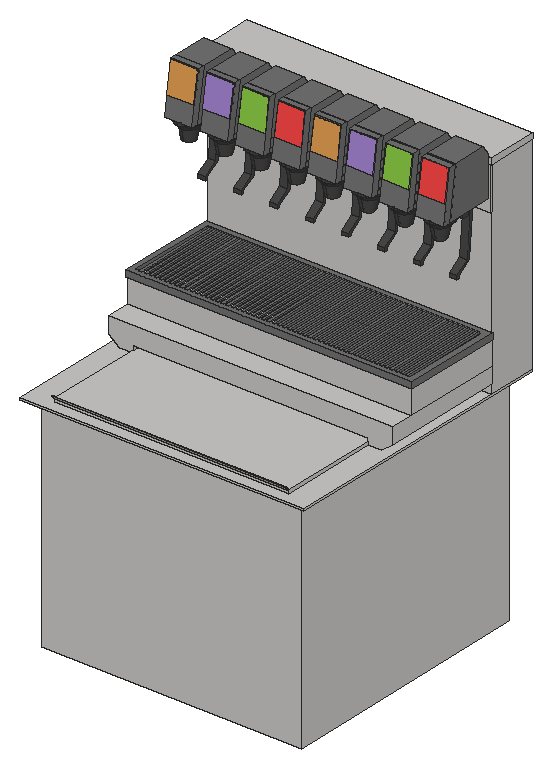
Revit family "QF_LANCER_ICD 2300", category Specialty Equipment, Revit 2012 (continued)
Definition of nested family "ICD 2200"
  Automatic sketch dimensions
    Extrusion 1 sketch curve to Extrusion 1 sketch curve = 0.07617"
    Extrusion 1 sketch curve to Extrusion 1 sketch curve = 0.07176"
    Extrusion 1 sketch curve to Extrusion 1 sketch curve = 0.30739"
    Extrusion 1 sketch curve to Extrusion 1 sketch curve = 0.06132"
    Extrusion 1 sketch curve to Extrusion 1 sketch curve = 0.07374"  (x2)
    Extrusion 1 sketch curve to Extrusion 1 sketch curve = 0.14515"
    Extrusion 1 sketch curve to Extrusion 1 sketch curve = 0.23667"
    Extrusion 1 sketch curve to Extrusion 1 sketch curve = 0.29528"
    Extrusion 1 sketch curve to Extrusion 1 sketch curve = 0.07086"
    Extrusion 1 sketch curve to Extrusion 1 sketch curve = 0.31791"
    Extrusion 1 sketch curve to Extrusion 1 sketch curve = 0.13767"
    Extrusion 1 sketch curve to Extrusion 1 sketch curve = 0.09549"
    Extrusion 1 sketch curve to Extrusion 1 sketch curve = 0.07318"
    Extrusion 1 sketch curve to Extrusion 1 sketch curve = 0.22586"
    Extrusion 1 sketch curve to Extrusion 1 sketch curve = 0.04439"
    Extrusion 1 sketch curve to Extrusion 1 sketch curve = 0.1403"
    Extrusion 1 sketch curve to Extrusion 1 sketch curve = 0.19979"
    Extrusion 1 sketch curve to Extrusion 1 sketch curve = 0.03362"
    Extrusion 1 sketch curve to Extrusion 1 sketch curve = 0.11393"
    Extrusion 1 sketch curve to Extrusion 1 sketch curve = 0.15379"
    Extrusion 1 sketch curve to Extrusion 1 sketch curve = 0.28862"
    Extrusion 1 sketch curve to Extrusion 1 sketch curve = 0.08623"
    Extrusion 1 sketch curve to Extrusion 1 sketch curve = 0.05675"
    Extrusion 1 sketch curve to Extrusion 1 sketch curve = 0.0668"
    Extrusion 1 sketch curve to Extrusion 1 sketch curve = 0.17795"
    Extrusion 1 sketch curve to Extrusion 1 sketch curve = 0.000"  (x18)
    Extrusion 1 sketch curve to Extrusion 1 sketch curve = 0.21322"
    Extrusion 1 sketch curve to Extrusion 1 sketch curve = 0.05282"
    Extrusion 1 sketch curve to Extrusion 1 sketch curve = 0.01982"
    Extrusion 1 sketch curve to Extrusion 1 sketch curve = 0.06484"
    Extrusion 1 sketch curve to Extrusion 1 sketch curve = 0.07255"
    Extrusion 1 sketch curve to Extrusion 1 sketch curve = 0.12909"
    Extrusion 1 sketch curve to Extrusion 1 sketch curve = 0.07643"
    Extrusion 1 sketch curve to Extrusion 1 sketch curve = 0.10341"
    Extrusion 1 sketch curve to Extrusion 1 sketch curve = 0.02165"
    Extrusion 1 sketch curve to Extrusion 1 sketch curve = 0.03562"
    Extrusion 1 sketch curve to Extrusion 1 sketch curve = 0.20801"
    Extrusion 1 sketch curve to Extrusion 1 sketch curve = 0.15423"
    Extrusion 1 sketch curve to Extrusion 1 sketch curve = 0.07541"
    Extrusion 1 sketch curve to Extrusion 1 sketch curve = 0.04958"
    Extrusion 1 sketch curve to Extrusion 1 sketch curve = 0.02857"
    Extrusion 1 sketch curve to Extrusion 1 sketch curve = 0.08174"
    Extrusion 1 sketch curve to Extrusion 1 sketch curve = 0.08801"
    Extrusion 1 sketch curve to Extrusion 1 sketch curve = 0.21398"
    Extrusion 1 sketch curve to Extrusion 1 sketch curve = 0.05654"
    Extrusion 1 sketch curve to Extrusion 1 sketch curve = 0.14527"
    Extrusion 1 sketch curve to Extrusion 1 sketch curve = 0.33588"
    Extrusion 1 sketch curve to Extrusion 1 sketch curve = 0.06594"
    Extrusion 1 sketch curve to Extrusion 1 sketch curve = 0.02948"
    Extrusion 1 sketch curve to Extrusion 1 sketch curve = 0.03219"
    Extrusion 1 sketch curve to Extrusion 1 sketch curve = 0.06639"
    Extrusion 1 sketch curve to Extrusion 1 sketch curve = 0.01087"
    Extrusion 1 sketch curve to Extrusion 1 sketch curve = 0.32826"
    Extrusion 1 sketch curve to Extrusion 1 sketch curve = 0.09361"
    Extrusion 1 sketch curve to Extrusion 1 sketch curve = 0.08461"
    Extrusion 1 sketch curve to Extrusion 1 sketch curve = 0.07944"  (x2)
    Extrusion 1 sketch curve to Extrusion 1 sketch curve = 0.03361"  (x2)
    Extrusion 1 sketch curve to Extrusion 1 sketch curve = 0.00691"
    Extrusion 1 sketch curve to Extrusion 1 sketch curve = 0.24197"
    Extrusion 1 sketch curve to Extrusion 1 sketch curve = 0.09733"
    Extrusion 1 sketch curve to Extrusion 1 sketch curve = 0.11645"  (x2)
    Extrusion 1 sketch curve to Extrusion 1 sketch curve = 0.10945"
    Extrusion 1 sketch curve to Extrusion 1 sketch curve = 0.03603"
    Extrusion 1 sketch curve to Extrusion 1 sketch curve = 0.11776"
    Extrusion 1 sketch curve to Extrusion 1 sketch curve = 0.1774"
    Extrusion 1 sketch curve to Extrusion 1 sketch curve = 0.2018"
    Extrusion 1 sketch curve to Extrusion 1 sketch curve = 0.25056"
    Extrusion 1 sketch curve to Extrusion 1 sketch curve = 0.05204"
    Extrusion 1 sketch curve to Extrusion 1 sketch curve = 0.02043"
    Extrusion 1 sketch curve to Extrusion 1 sketch curve = 0.1492"
    Extrusion 1 sketch curve to Extrusion 1 sketch curve = 0.09522"
    Extrusion 1 sketch curve to Extrusion 1 sketch curve = 0.17785"
    Extrusion 1 sketch curve to Extrusion 1 sketch curve = 0.00579"
    Extrusion 1 sketch curve to Extrusion 1 sketch curve = 0.01418"
    Extrusion 1 sketch curve to Extrusion 1 sketch curve = 0.08376"
    Extrusion 1 sketch curve to Extrusion 1 sketch curve = 0.02802"
    Extrusion 1 sketch curve to Extrusion 1 sketch curve = 0.07982"
    Extrusion 1 sketch curve to Extrusion 1 sketch curve = 0.00713"
    Extrusion 1 sketch curve to Extrusion 1 sketch curve = 0.00302"
    Extrusion 1 sketch curve to Extrusion 1 sketch curve = 0.2192"
    Extrusion 1 sketch curve to Extrusion 1 sketch curve = 0.2477"
    Extrusion 1 sketch curve to Extrusion 1 sketch curve = 0.30275"
    Extrusion 1 sketch curve to Extrusion 1 sketch curve = 0.04148"
    Extrusion 1 sketch curve to Extrusion 1 sketch curve = 0.0939"
    Extrusion 1 sketch curve to Extrusion 1 sketch curve = 0.13542"
    Extrusion 1 sketch curve to Extrusion 1 sketch curve = 0.14667"
    Extrusion 1 sketch curve to Extrusion 1 sketch curve = 0.11924"
    Extrusion 1 sketch curve to Extrusion 1 sketch curve = 0.03945"
    Extrusion 1 sketch curve to Extrusion 1 sketch curve = 0.07113"
    Extrusion 1 sketch curve to Extrusion 1 sketch curve = 0.01217"
    Extrusion 1 sketch curve to Extrusion 1 sketch curve = 0.25918"
    Extrusion 1 sketch curve to Extrusion 1 sketch curve = 0.21228"
    Extrusion 1 sketch curve to Extrusion 1 sketch curve = 0.05853"
    Extrusion 1 sketch curve to Extrusion 1 sketch curve = 0.07948"
    Extrusion 1 sketch curve to Extrusion 1 sketch curve = 0.19248"
    Extrusion 1 sketch curve to Extrusion 1 sketch curve = 0.03668"
    Extrusion 1 sketch curve to Extrusion 1 sketch curve = 0.06321"
    Extrusion 1 sketch curve to Extrusion 1 sketch curve = 0.03794"
    Extrusion 1 sketch curve to Extrusion 1 sketch curve = 0.20476"
    Extrusion 1 sketch curve to Extrusion 1 sketch curve = 0.06285"
    Extrusion 1 sketch curve to Extrusion 1 sketch curve = 0.14237"
    Extrusion 1 sketch curve to Extrusion 1 sketch curve = 0.34298"
    Extrusion 1 sketch curve to Extrusion 1 sketch curve = 0.32306"
    Extrusion 1 sketch curve to Extrusion 1 sketch curve = 0.01407"
    Extrusion 1 sketch curve to Extrusion 1 sketch curve = 0.31918"
    Extrusion 1 sketch curve to Extrusion 1 sketch curve = 0.49173"
    Extrusion 1 sketch curve to Extrusion 1 sketch curve = 0.17255"
    Extrusion 1 sketch curve to Extrusion 1 sketch curve = 0.19695"
    Extrusion 1 sketch curve to Extrusion 1 sketch curve = 0.19926"  (x2)
    Extrusion 1 sketch curve to Extrusion 1 sketch curve = 0.2061"
    Extrusion 1 sketch curve to Extrusion 1 sketch curve = 0.20694"  (x2)
    Extrusion 1 sketch curve to Extrusion 1 sketch curve = 0.2118"
    Extrusion 1 sketch curve to Extrusion 1 sketch curve = 0.21294"
    Extrusion 1 sketch curve to Extrusion 1 sketch curve = 0.21409"  (x3)
    Extrusion 1 sketch curve to Extrusion 1 sketch curve = 0.0048"
    Extrusion 1 sketch curve to Extrusion 1 sketch curve = 0.053"
    Extrusion 1 sketch curve to Extrusion 1 sketch curve = 0.04815"
    Extrusion 1 sketch curve to Extrusion 1 sketch curve = 0.00383"
    Extrusion 1 sketch curve to Extrusion 1 sketch curve = 0.07338"  (x2)
    Extrusion 1 sketch curve to Extrusion 1 sketch curve = 0.06772"
    Extrusion 1 sketch curve to Extrusion 1 sketch curve = 0.03572"
    Extrusion 1 sketch curve to Extrusion 1 sketch curve = 0.14436"
    Extrusion 1 sketch curve to Extrusion 1 sketch curve = 0.16266"
    Extrusion 1 sketch curve to Extrusion 1 sketch curve = 0.20988"
    Extrusion 1 sketch curve to Extrusion 1 sketch curve = 0.18259"
    Extrusion 1 sketch curve to Extrusion 1 sketch curve = 0.04509"
    Extrusion 1 sketch curve to Extrusion 1 sketch curve = 0.02529"
    Extrusion 1 sketch curve to Extrusion 1 sketch curve = 0.31195"
    Extrusion 1 sketch curve to Extrusion 1 sketch curve = 0.48256"
    Extrusion 1 sketch curve to Extrusion 1 sketch curve = 0.12784"
    Extrusion 1 sketch curve to Extrusion 1 sketch curve = 0.01456"
    Extrusion 1 sketch curve to Extrusion 1 sketch curve = 0.19653"
    Extrusion 1 sketch curve to Extrusion 1 sketch curve = 0.21698"
    Extrusion 1 sketch curve to Extrusion 1 sketch curve = 0.25754"
    Extrusion 1 sketch curve to Extrusion 1 sketch curve = 0.11118"
    Extrusion 1 sketch curve to Extrusion 1 sketch curve = 0.02366"
    Extrusion 1 sketch curve to Extrusion 1 sketch curve = 0.25676"
    Extrusion 1 sketch curve to Extrusion 1 sketch curve = 0.21744"
    Extrusion 1 sketch curve to Extrusion 1 sketch curve = 0.05862"
    Extrusion 1 sketch curve to Extrusion 1 sketch curve = 0.18923"
    Extrusion 1 sketch curve to Extrusion 1 sketch curve = 0.09225"
    Extrusion 1 sketch curve to Extrusion 1 sketch curve = 0.0397"
    Extrusion 1 sketch curve to Extrusion 1 sketch curve = 0.05905"
    Extrusion 1 sketch curve to Extrusion 1 sketch curve = 0.74007"
    Extrusion 1 sketch curve to Extrusion 1 sketch curve = 0.00895"
    Extrusion 1 sketch curve to Extrusion 1 sketch curve = 0.26901"
    Extrusion 1 sketch curve to Extrusion 1 sketch curve = 0.04115"
    Extrusion 1 sketch curve to Extrusion 1 sketch curve = 0.22786"
    Extrusion 1 sketch curve to Extrusion 1 sketch curve = 0.05911"
    Extrusion 1 sketch curve to Extrusion 1 sketch curve = 0.03539"
    Extrusion 1 sketch curve to Extrusion 1 sketch curve = 0.05011"
    Extrusion 1 sketch curve to Extrusion 1 sketch curve = 0.09184"
    Extrusion 1 sketch curve to Extrusion 1 sketch curve = 0.07727"
    Extrusion 1 sketch curve to Extrusion 1 sketch curve = 0.18911"
    Extrusion 1 sketch curve to Extrusion 1 sketch curve = 0.03623"
    Extrusion 1 sketch curve to Extrusion 1 sketch curve = 0.16847"
    Extrusion 1 sketch curve to Extrusion 1 sketch curve = 0.22907"
    Extrusion 1 sketch curve to Extrusion 1 sketch curve = 0.07843"
    Extrusion 1 sketch curve to Extrusion 1 sketch curve = 0.21004"
    Extrusion 1 sketch curve to Extrusion 1 sketch curve = 0.12826"
    Extrusion 1 sketch curve to Extrusion 1 sketch curve = 0.29334"
    Extrusion 1 sketch curve to Extrusion 1 sketch curve = 0.1952"
    Extrusion 1 sketch curve to Extrusion 1 sketch curve = 0.02159"
    Extrusion 1 sketch curve to Extrusion 1 sketch curve = 0.11484"
    Extrusion 1 sketch curve to Extrusion 1 sketch curve = 0.21741"
    Extrusion 1 sketch curve to Extrusion 1 sketch curve = 0.3091"
    Extrusion 1 sketch curve to Extrusion 1 sketch curve = 0.85688"
    Extrusion 1 sketch curve to Extrusion 1 sketch curve = 0.32094"
    Extrusion 1 sketch curve to Extrusion 1 sketch curve = 0.41269"
    Extrusion 1 sketch curve to Extrusion 1 sketch curve = 0.05522"
    Extrusion 1 sketch curve to Extrusion 1 sketch curve = 0.09815"
    Extrusion 1 sketch curve to Extrusion 1 sketch curve = 0.5212"
    Extrusion 1 sketch curve to Extrusion 1 sketch curve = 0.10438"
    Extrusion 1 sketch curve to Extrusion 1 sketch curve = 0.24248"
    Extrusion 1 sketch curve to Extrusion 1 sketch curve = 0.05031"
    Extrusion 1 sketch curve to Extrusion 1 sketch curve = 0.29312"
    Extrusion 1 sketch curve to Extrusion 1 sketch curve = 0.33891"
    Extrusion 1 sketch curve to Extrusion 1 sketch curve = 0.21726"
    Extrusion 1 sketch curve to Extrusion 1 sketch curve = 0.07082"
    Extrusion 1 sketch curve to Extrusion 1 sketch curve = 0.1035"
    Extrusion 1 sketch curve to Extrusion 1 sketch curve = 0.24215"
    Extrusion 1 sketch curve to Extrusion 1 sketch curve = 0.06525"
    Extrusion 1 sketch curve to Extrusion 1 sketch curve = 0.22351"
    Extrusion 1 sketch curve to Extrusion 1 sketch curve = 0.12636"
    Sweep 2 sketch curve to plane 6 "TOP" = 8.99532"
    Sweep 2 sketch curve to plane 5 "FRONT" = 2.55962"
    Sweep 2 sketch curve to Sweep 2 sketch curve = 0.98129"
    Sweep 2 sketch curve to plane 6 "TOP" = 8.29633"
    Sweep 2 sketch curve to Sweep 2 sketch curve = 1.0363"
    Sweep 2 sketch curve to Sweep 2 sketch curve = 0.43089"
    Sweep 2 sketch curve to Sweep 2 sketch curve = 0.19431"
    Sweep 2 sketch curve to Sweep 2 sketch curve = 4.29633"
    Sweep 2 sketch curve to profile plane = 0.000"
    Sweep 2 sketch curve to Sweep 2 sketch curve = 0.1753"
    Sweep 2 sketch curve to profile plane = 0.30218"
    Sweep 2 sketch curve to Sweep 2 sketch curve = 0.600"
    Extrusion 3 sketch curve to plane 4 "RIGHT" = 1.60178"
    Extrusion 3 sketch curve to Extrusion 3 sketch curve = 0.95356"
    Extrusion 3 sketch curve to plane 6 "TOP" = 4.86805"
    Extrusion 3 sketch curve to Extrusion 3 sketch curve = 0.86805"
    Revolve 4 sketch curve to plane 5 "FRONT" = 1.07845"
    Revolve 4 sketch curve to Revolve 4 sketch curve = 0.000"  (x2)
    Revolve 4 sketch curve to Revolve 4 sketch curve = 0.500"
    Revolve 4 sketch curve to Revolve 4 sketch curve = 0.67365"
    Revolve 4 sketch curve to Revolve 4 sketch curve = 0.41065"  (x2)
    Revolve 4 sketch curve to plane 6 "TOP" = 5.62663"
    Revolve 4 sketch curve to Revolve 4 sketch curve = 0.98481"
    Revolve 4 sketch curve to Revolve 4 sketch curve = 0.23117"
    Revolve 4 sketch curve to Revolve 4 sketch curve = 0.43522"
    Extrusion 5 sketch curve to plane 5 "FRONT" = 0.000"
    Extrusion 5 sketch curve to plane 6 "TOP" = 0.000"  (x2)
    Extrusion 5 sketch curve to plane 1 "BACK" = 0.000"
    Extrusion 5 sketch curve to plane 5 "FRONT" = 0.62936"
    Extrusion 5 sketch curve to plane 6 "TOP" = 0.71407"
    plane 1 "BACK" to Extrusion 5 sketch curve = 0.500"
    Extrusion 5 sketch curve to plane 5 "FRONT" = 0.50615"
    Extrusion 5 sketch curve to Extrusion 5 sketch curve = 0.50615"
    Extrusion 5 sketch curve to Extrusion 5 sketch curve = 0.06378"  (x2)
    Extrusion 5 sketch curve to level = 0.000"  (x2)
    Extrusion 5 to Extrusion 6 sketch curve = 0.050"  (x2)
    Extrusion 6 sketch curve to Extrusion 5 = 0.050"
    Extrusion 6 sketch curve to Extrusion 5 = 1.54473"
